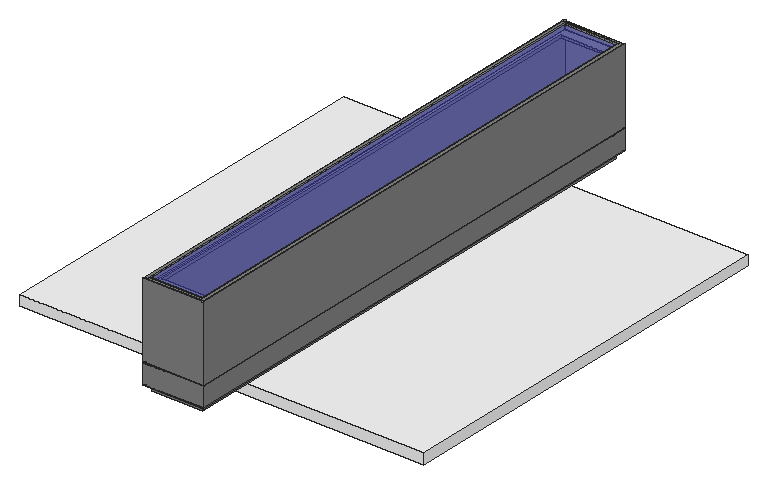
Revit family "BE_24318_de_DE", category Leuchten, Revit 2020
Family settings
  Basisbauteil = Fläche
  Bemaßung runder Anschluss = Durchmesser verwenden
  Teiletyp = Normal
  Beim Laden mit Abzugskörper schneiden = Ja
  Lichtquelle = Ja
  Gemeinsam genutzt = Nein
  Raumberechnungspunkt = Ja
Parameters (values of type "BEGA_24318_Grafit_K4")
  built-in parameter 1150104 = 16.606 (stored number, unit not read)
  Wattage = 16 W
  Default Elevation = 0 mm
  built-in parameter 1150113 = 1 (stored number, unit not read)
  built-in parameter 1114218 = 1 (stored number, unit not read)
  Umgebungstemperatur = "25 °C"
  URL = "https://www.bega.com/de/produkt/24318"
  Typenkommentare = "© 2022 BEGA. Wir behalten uns das Recht vor, technische Änderungen ohne vorherige Ankündigung vorzunehmen."  # constant formula
  Type Image = 24318.png
  built-in parameter 1150134 = 12
  built-in parameter 1150109 = 1 (stored number, unit not read)
  Strom = ""
  built-in parameter 1150110 = 1 (stored number, unit not read)
  Spannung = 239.996 V
  Sonderanfertigung = no
  Seriennummer [instance] = "Hier können Sie die eindeutige Seriennummer für das Facility Management eintragen."
  Schutzklasse = "I"
  Schutzart = "IP 65"
  Scheinlast = 0 VA
  Produktdatenblatt = "https://cdn.bega.com/bega/products/24318K4/current/documents/data-sheets/de"
  Oberflächentemperatur = ""
  Neigungswinkel = 0.00°
  Modell = "24318K4"
  Material_17 = BEGA_Reflektor
  Material_15 = BEGA_Leuchtmedium_matt
  Material_11 = BEGA_Glas_opal
  Material_09 = BEGA_Glas_klar
  Material_06 = BEGA_Oberfläche_Edelstahl_gebürstet
  Material_05 = BEGA_Oberfläche_Aluminium Guss
  Material_03 = BEGA_Oberfläche_Weiss_matt
  Material_02 = BEGA_Oberfläche_Silber_matt
  Material_01 [instance] = BEGA_Oberfläche_Grafit_matt
  M_W = no
  M_G = yes
  M_A = no
  Logo = 0
  built-in parameter 1114217 = 1 (stored number, unit not read)
  built-in parameter 1150139 = (empty or 0)
  built-in parameter 1150105 = 227.59 (stored number, unit not read)
  built-in parameter 1150114 = 1 (stored number, unit not read)
  Lumens = 2860 lm
  built-in parameter 1150115 = 1 (stored number, unit not read)
  Leuchtenlichtstrom = "1088 lm"
  Leuchtenanzahl = ""
  Lebensdauerkriterien = "L70B50 @ 25 °C = 200000 h"
  Lastklassifizierung = Beleuchtung
  built-in parameter 1150112 = 1 (stored number, unit not read)
  Lampenlichtstrom = "3030 lm"
  Lampe = "LED 15.8 W"
  LED_Modulbezeichnung = "LED-0772/840"
  built-in parameter 1150142 = (empty or 0)
  Hersteller = "BEGA"  # constant formula
  Halbstreuwinkel = ""
  Gewicht = "2.9 kg"
  Gebrauchslageneinschränkung [instance] = ""
  Frequenz = "0/50-60 Hz"
  Farbwiedergabeindex = "CRI > 80"
  Farbtemperaturverschiebung bei Dämpfen der Lampe = <Keine Auswahl>
  Farbtemperatur = "4000 K"
  Color Filter = 16777215
  built-in parameter 1150133 = 10 (stored number, unit not read)
  Energieeffizienzklasse = "LED A++ - A"
  built-in parameter 1150137 = (empty or 0)
  built-in parameter 1150132 = (empty or 0)
  ENEC = "ja"
  Dimmbar [instance] = "DALI"
  Datei für fotometrisches Netz = "BE_24318K4.IES"
  CE_Konformität = "ja"
  Bestellnummer = "24318K4"
  Beschreibung_Sonderanfertigung = "Hier können Sie Informationen zur Sonderanfertigung eintragen."
  Beschreibung = "Decken- und Wandleuchte"
  built-in parameter 1150106 = 2.2759 (stored number, unit not read)
  Befestigungsbohrung = "Ø 7 mm"
  Befestigungsabstand = "433 mm"
  Ballwurfsicher = ""
  BEGA_Intern_aus = yes
  BEGA_Intern_an = yes
  BEGA_Intern_Konstruktion = yes
  BEGA_Intern = yes
  BEGA_IES = yes
  BEGA_Dummy = no
  Anschlussleitung = ""
  Anschlussleistung [instance] = "18.3 W"
  Anschlusskasten = ""
  built-in parameter 1150107 = 4000 (stored number, unit not read)
  built-in parameter 1150102 = (empty or 0)
  built-in parameter 1150138 = (empty or 0)
  Aktualisierung = "2022-05-18T04:00:07"
  Abstand_zur_angestrahlten_Fläche [instance] = ""
  AC/DC = "AC/DC"
Types (2, lengths in mm): name | built-in parameter 1150104 | built-in parameter 1150134 | Modell | built-in parameter 1150105 | Lumens | Leuchtenlichtstrom | Lampenlichtstrom | LED_Modulbezeichnung | Farbtemperatur | Datei für fotometrisches Netz | Bestellnummer | built-in parameter 1150106 | built-in parameter 1150107
  BEGA_24318_Grafit_K3 | 16.258 (stored number, unit not read) | (empty or 0) | "24318K3" | 222.82 (stored number, unit not read) | 2800 lm | "1059 lm" | "2950 lm" | "LED-0772/830" | "3000 K" | "BE_24318K3.IES" | "24318K3" | 2.2282 (stored number, unit not read) | 3000 (stored number, unit not read)
  BEGA_24318_Grafit_K4 | 16.606 (stored number, unit not read) | 12 | "24318K4" | 227.59 (stored number, unit not read) | 2860 lm | "1088 lm" | "3030 lm" | "LED-0772/840" | "4000 K" | "BE_24318K4.IES" | "24318K4" | 2.2759 (stored number, unit not read) | 4000 (stored number, unit not read)
Reference planes
  plane 1 "Mitte (Vorne/Hinten)": y = 0
  plane 2: z = 0
  plane 3 "Mitte (Links/Rechts)": x = 0
  plane 4 "Links": x = -30
  plane 5 "Rechts": x = 30
  plane 6 "Unten": y = -260
  plane 7 "Oben": y = 260.3
  plane 8 "Vorne": z = 101
  plane 9 "Hinten": z = 0
Forms (mm)
  Extrusion 1, solid, material "BEGA_Platte_Weiss"
    sketch origin (0, -1119.2, 0) x (1, 0, 0) y (0, 1, 0)
      loop
        line (-200, 1319.2) -> (-200, 919.2) -> (200, 919.2) -> (200, 1319.2) -> (-200, 1319.2)
    from 0 to -10
  Extrusion 2, solid, material "BEGA_Dummy_matt", visible <- "BEGA_Dummy"
    sketch origin (80.095, -76.023, 0) x (1, 0, 0) y (0, 1, 0)
      loop
        line (-110.095, 336.323) -> (-110.095, -183.977) -> (-50.095, -183.977) -> (-50.095, 336.323) -> (-110.095, 336.323)
    from 0 to 101
Dimensions and locks
  plane 1 "Mitte (Vorne/Hinten)" to Extrusion 1 = 200 mm
  aligned and locked: plane 2 to Extrusion 1
  aligned and locked: level to Extrusion 1
Nested families
  nested 1: "BE_24318" at (0, 0, 0) x (0, 1, 0) z (0, 0, 1), type "BE_24318"
Connectors
  electrical at (0, 0, 0), driven by "Lastklassifizierung", driven by "Spannung", driven by "Scheinlast"
    settings: index 1, voltage 239.996 V, apparent load 0 VA, apparent load phase1 0 VA, apparent load phase2 0 VA, apparent load phase3 0 VA, power factor 1, load classification "Beleuchtung", number of poles 1, system type 31, power factor state 1, is connector primary yes, connector utility no, sub classification motor no, connector description ""
Definition of nested family "BE_24318"
  Parameters (values of type "BE_24318")
    Default Elevation = 1 mm
    URL = "http://www.bega.de/de/produkt"
    Type Comments = "© 2015 BEGA. Wir behalten uns das Recht vor, technische Änderungen ohne vorherige Ankündigung vorzunehmen. "  # constant formula
    Type Image = (empty or 0)
    Neigungswinkel_um_Z2 = 0.00°
    Neigungswinkel_um_Z1 = 0.00°
    Neigungswinkel_um_Y2 = 0.00°
    Neigungswinkel_um_Y1 = 0.00°
    Neigungswinkel_um_X2 = 0.00°
    Neigungswinkel_um_X1 = 0.00°
    Material_17 = none
    Material_15 = none
    Material_11 = none
    Material_09 = none
    Material_06 = none
    Material_05 = none
    Material_03 = none
    Material_02 = none
    Material_01 = none
    M_W = yes
    M_G = yes
    M_A = yes
    Länge_Platte = 700 mm  # constant formula
    Höhe_Platte = -10 mm  # constant formula
    Manufacturer = "BEGA"  # constant formula
    Drehwinkel_um_Z2 = 0.00°
    Drehwinkel_um_Z1 = 0.00°
    Breite_Platte = 200 mm  # constant formula
  Reference planes
    plane 1 "Mitte (Oben/Unten)": y = 0
    plane 2: z = 0
    plane 3 "Mitte (Links/Rechts)": x = 0
    plane 4: x = -260
    plane 5: z = 101
    plane 6: x = 260.3
    plane 7: y = 30
    plane 8: y = -30
  Forms (mm)
    Extrusion 1, solid, detail levels medium
      sketch origin (0, 0, 0) x (1, 0, 0) y (0, 1, 0)
        loop
          line (-350, 100) -> (-350, -100) -> (350, -100) -> (350, 100) -> (-350, 100)
      from 0 to -10 <- "Höhe_Platte"
    Sweep 2, solid, material <- "Material_01", detail levels medium+fine
      path origin (0, 0, 0) x (1, 0, 0) y (0, 1, 0)
        loop
          line (-260, 30) -> (-260, -30) -> (260.3, -30) -> (260.3, 30) -> (-260, 30)
      profile origin (0.15, 30, 0) x (0, 1, 0) y (0, 0, 1)
        loop
          line (-0.5, 101) -> (-3.044, 101) -> (-4.682, 96.5) -> (-8, 96.5) -> (-8, 94) -> (-2.8, 94) -> (-2.8, 26) -> (-0.5, 26)
          arc (-0.5, 26) -> (-0.146, 26.146) -> (0, 26.5) r 0.5
          line (0, 26.5) -> (0, 100.5)
          arc (0, 100.5) -> (-0.146, 100.854) -> (-0.5, 101) r 0.5
    Extrusion 3, solid, material <- "Material_01", detail levels medium+fine
      sketch origin (0, 0, 0) x (1, 0, 0) y (0, 0, 1)
        loop
          line (246.5, 94) -> (252.3, 94) -> (252.3, 96.5) -> (246.5, 96.5) -> (246.5, 94)
        loop
          line (-246.5, 94) -> (-246.5, 96.5) -> (-252.3, 96.5) -> (-252.3, 94) -> (-246.5, 94)
      from -22.05 to 22.05
    Extrusion 4, solid, material <- "Material_11", detail levels medium+fine
      sketch origin (0, 0, 0) x (0, 1, 0) y (0, 0, 1)
        loop
          line (25, 96.7) -> (25, 100.7) -> (-25, 100.7) -> (-25, 96.7) -> (25, 96.7)
      from -255 to 255
    Sweep 5, solid, material <- "Material_01", detail levels medium+fine
      path origin (0, 0, 0) x (1, 0, 0) y (0, 1, 0)
        loop
          line (260, 30) -> (-259.985, 30) -> (-259.985, -30) -> (260, -30) -> (260, 30)
      profile origin (0.008, 30, 0) x (0, -1, 0) y (0, 0, 1)
        loop
          arc (0, 6.5) -> (0.146, 6.146) -> (0.5, 6) r 0.5
          line (0.5, 6) -> (5, 6) -> (5, 0) -> (25, 0) -> (25, 10) -> (4, 10) -> (4, 26) -> (0, 26) -> (0, 6.5)
    Extrusion 6, solid, material <- "Material_01", detail levels medium+fine
      sketch origin (0, 0, 0) x (0, 1, 0) y (0, 0, 1)
        loop
          line (5, 10) -> (-5, 10) -> (-5, 0) -> (5, 0) -> (5, 10)
      from 237 to -236
    Extrusion 7, void
      sketch origin (0, 0, 0) x (1, 0, 0) y (0, 1, 0)
        loop
          arc (-80, 20) -> (-100, 0) -> (-80, -20) r 20
          line (-80, -20) -> (70, -20)
          arc (70, -20) -> (90, 0) -> (70, 20) r 20
          line (70, 20) -> (-80, 20)
        loop
          arc (155, 3.5) -> (151.5, 0) -> (155, -3.5) r 3.5
          line (155, -3.5) -> (165, -3.5)
          arc (165, -3.5) -> (168.5, 0) -> (165, 3.5) r 3.5
          line (165, 3.5) -> (155, 3.5)
        loop
          arc (-163.5, -5) -> (-160, -8.5) -> (-156.5, -5) r 3.5
          line (-156.5, -5) -> (-156.5, 5)
          arc (-156.5, 5) -> (-160, 8.5) -> (-163.5, 5) r 3.5
          line (-163.5, 5) -> (-163.5, -5)
      from 11.948 to -0.793
    Revolve 8, solid, material <- "Material_06", detail levels fine
      sketch origin (-200, 0, 0) x (0, 1, 0) y (0, 0, 1)
        loop
          line (30, 22.75) -> (30, 18.8) -> (32.2, 18.8) -> (32.2, 22.75) -> (30, 22.75)
        axis (30, 18.8) -> (32.2, 18.8)
      angle from 0 to 360
    Revolve 9, solid, material <- "Material_06", detail levels fine
      sketch origin (200, 0, 0) x (0, 1, 0) y (0, 0, -1)
        loop
          line (30, -22.75) -> (32.2, -22.75) -> (32.2, -18.8) -> (30, -18.8) -> (30, -22.75)
        axis (30, -18.8) -> (32.2, -18.8)
      angle from 0 to 360
  Cuts and joins
    joined: Sweep 2, Extrusion 3
    Extrusion 7 cuts Sweep 5
    Extrusion 7 cuts Extrusion 6
    joined: Sweep 5, Extrusion 6
  Dimensions and locks
    equal spacing: Extrusion 1 sketch curve, plane 3 "Mitte (Links/Rechts)", Extrusion 1 sketch curve
    equal spacing: Extrusion 1 sketch curve, plane 1 "Mitte (Oben/Unten)", Extrusion 1 sketch curve
    "Länge_Platte": Extrusion 1 sketch curve to Extrusion 1 sketch curve
    "Breite_Platte": Extrusion 1 sketch curve to Extrusion 1 sketch curve
    aligned and locked: Extrusion 1 to plane 2
    aligned and locked: level to Extrusion 1
  Automatic sketch dimensions
    plane 1 "Mitte (Oben/Unten)" to Sweep 2 sketch curve = 30 mm
    Sweep 2 sketch curve to plane 1 "Mitte (Oben/Unten)" = 30 mm
    Sweep 2 sketch curve to profile plane = 0 mm
    profile plane to Sweep 2 sketch curve = 0.5 mm
    Sweep 2 sketch curve to Sweep 2 sketch curve = 0.5 mm
    Sweep 2 sketch curve to Sweep 2 sketch curve = 2.3 mm
    Sweep 2 sketch curve to Sweep 2 sketch curve = 2.544 mm
    Sweep 2 sketch curve to Sweep 2 sketch curve = 1.882 mm
    Sweep 2 sketch curve to Sweep 2 sketch curve = 3.318 mm
    level to Sweep 2 sketch curve = 26 mm
    Sweep 2 sketch curve to Sweep 2 sketch curve = 67.5 mm
    Sweep 2 sketch curve to Sweep 2 sketch curve = 2.5 mm
    Sweep 2 sketch curve to Sweep 2 sketch curve = 4 mm
    Extrusion 3 sketch curve to Extrusion 3 sketch curve = 5.8 mm  (x2)
    level to Extrusion 3 sketch curve = 94 mm  (x2)
    Extrusion 3 sketch curve to Extrusion 3 sketch curve = 2.5 mm  (x2)
    plane 1 "Mitte (Oben/Unten)" to Extrusion 4 sketch curve = 25 mm
    Extrusion 4 sketch curve to plane 1 "Mitte (Oben/Unten)" = 25 mm
    level to Extrusion 4 sketch curve = 96.7 mm
    Extrusion 4 sketch curve to Extrusion 4 sketch curve = 4 mm
    plane 1 "Mitte (Oben/Unten)" to Sweep 5 sketch curve = 30 mm
    Sweep 5 sketch curve to plane 1 "Mitte (Oben/Unten)" = 30 mm
    Sweep 5 sketch curve to profile plane = 0 mm
    Sweep 5 sketch curve to level = 0 mm
    Sweep 5 sketch curve to Sweep 5 sketch curve = 0.5 mm
    Sweep 5 sketch curve to Sweep 5 sketch curve = 4 mm  (x2)
    Sweep 5 sketch curve to Sweep 5 sketch curve = 1 mm
    Sweep 5 sketch curve to Sweep 5 sketch curve = 20 mm
    level to Sweep 5 sketch curve = 6 mm
    Sweep 5 sketch curve to Sweep 5 sketch curve = 16 mm
    Extrusion 6 sketch curve to level = 0 mm
    plane 1 "Mitte (Oben/Unten)" to Extrusion 6 sketch curve = 5 mm
    Extrusion 6 sketch curve to plane 1 "Mitte (Oben/Unten)" = 5 mm
    Extrusion 6 sketch curve to Extrusion 6 sketch curve = 10 mm
    Revolve 8 sketch curve to plane 1 "Mitte (Oben/Unten)" = 30 mm
    Revolve 8 sketch curve to Revolve 8 sketch curve = 2.2 mm
    level to Revolve 8 sketch curve = 18.8 mm
    Revolve 8 sketch curve to Revolve 8 sketch curve = 3.95 mm
    Revolve 8 sketch curve to Revolve 8 sketch curve = 2 mm  (x2)
    Revolve 8 sketch curve to Revolve 8 sketch curve = 0 mm
    Revolve 9 sketch curve to plane 1 "Mitte (Oben/Unten)" = 30 mm
    Revolve 9 sketch curve to Revolve 9 sketch curve = 2.2 mm
    level to Revolve 9 sketch curve = 22.75 mm
    Revolve 9 sketch curve to Revolve 9 sketch curve = 3.95 mm
    Revolve 9 sketch curve to Revolve 9 sketch curve = 2 mm  (x2)
    Revolve 9 sketch curve to Revolve 9 sketch curve = 0 mm
    plane 3 "Mitte (Links/Rechts)" to Sweep 2 sketch curve = 260.3 mm
    plane 3 "Mitte (Links/Rechts)" to Extrusion 3 sketch curve = 246.5 mm
    plane 3 "Mitte (Links/Rechts)" to Sweep 5 sketch curve = 260 mm
    Sweep 2 sketch curve to plane 3 "Mitte (Links/Rechts)" = 260 mm
    Extrusion 3 sketch curve to plane 3 "Mitte (Links/Rechts)" = 246.5 mm
    Sweep 5 sketch curve to plane 3 "Mitte (Links/Rechts)" = 259.985 mm
    plane 1 "Mitte (Oben/Unten)" to Extrusion 7 sketch curve = 0 mm  (x2)
    Extrusion 7 sketch curve to plane 1 "Mitte (Oben/Unten)" = 5 mm
    plane 4 to Extrusion 7 sketch curve = 96.5 mm
    Extrusion 7 sketch curve to Extrusion 7 sketch curve = 3.5 mm
    Extrusion 7 sketch curve to Extrusion 7 sketch curve = 76.5 mm
    plane 3 "Mitte (Links/Rechts)" to Extrusion 7 sketch curve = 70 mm
    Extrusion 7 sketch curve to plane 1 "Mitte (Oben/Unten)" = 3.5 mm
    Extrusion 7 sketch curve to Extrusion 7 sketch curve = 85 mm
    Extrusion 7 sketch curve to Extrusion 7 sketch curve = 10 mm
    plane 1 "Mitte (Oben/Unten)" to Extrusion 7 sketch curve = 5 mm
    Extrusion 7 sketch curve to plane 8 = 10 mm
    Extrusion 7 sketch curve to Extrusion 7 sketch curve = 0 mm
